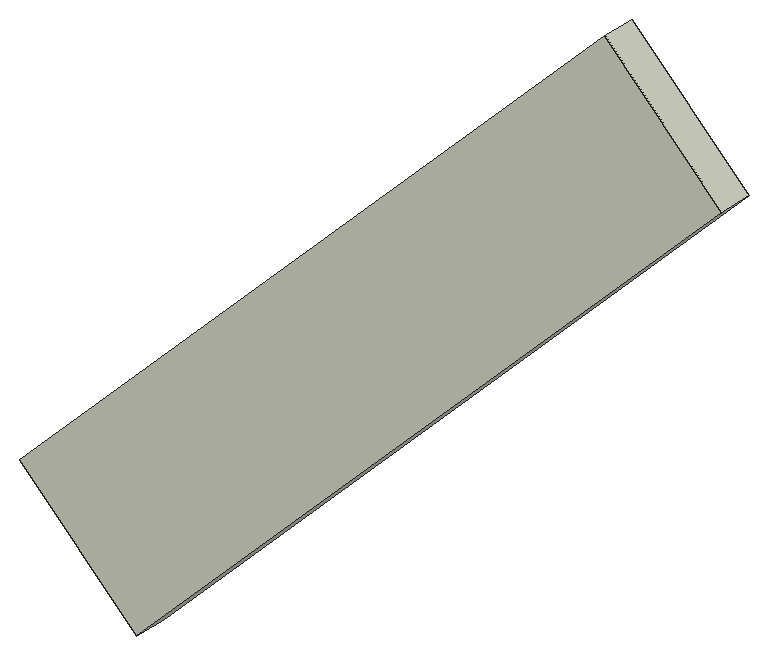
Revit family "グレーチング_角形鋼管(長方形)", category Generic Models, Revit 2023
Family settings
  Can host rebar = No
  Round Connector Dimension = Use Diameter
  Part Type = Normal
  Work Plane-Based = Yes
  Always vertical = No
  Cut with Voids When Loaded = No
  Maintain Annotation Orientation = No
  Shared = No
  Room Calculation Point = No
Parameters (values of type "100 x 20")
  高さ = 100 mm
  長辺 [instance] = 長さ  # 500 mm
  長さ [instance] = 500 mm
  部屋名 = ""
  角度 [instance] = 45.00°
  Default Elevation = 1219.2 mm
  構造マテリアル = E614_グレーチング
  幅 = 20 mm
Types (20, lengths in mm): name | 高さ | 幅
  50 x 20 | 50 | 20
  50 x 30 | 50 | 30
  60 x 30 | 60 | 30
  75 x 20 | 75 | 20
  75 x 45 | 75 | 45
  80 x 40 | 80 | 40
  90 x 40 | 90 | 40
  100 x 20 | 100 | 20
  100 x 40 | 100 | 40
  100 x 50 | 100 | 50
  125 x 40 | 125 | 40
  125 x 75 | 125 | 75
  150 x 100 | 150 | 100
  150 x 75 | 150 | 75
  150 x 80 | 150 | 80
  200 x 100 | 200 | 100
  200 x 150 | 200 | 150
  300 x 200 | 300 | 200
  350 x 150 | 350 | 150
  400 x 200 | 400 | 200
Reference planes
  plane 1 "中心(正面/背面)": y = 0
  plane 2: z = 0
  plane 3 "中心(左/右)": x = 0
Lines and regions (mm)
  reference lines
    curve 1: line (0, 0, 0) -> (848.528, 0, 848.528)
    curve 2: line (35.355, 0, -35.355) -> (-35.355, 0, 35.355)
    curve 3: line (388.909, 0, 318.198) -> (318.198, 0, 388.909)
Dimensions and locks
  equal spacing: curve 2, curve 1, curve 2
  "高さ": curve 2 to curve 2
  equal spacing: curve 3, curve 1, curve 3
  "高さ": curve 3 to curve 3
  "長さ": curve 2 to curve 3
  "角度": angle level to curve 1
  angle curve 2 to curve 1 = 90.00°
  angle curve 3 to curve 1 = 90.00°
  aligned and locked: level to plane 2
  aligned and locked: level to curve 1
  aligned and locked: plane 3 "中心(左/右)" to curve 1
  aligned and locked: nested 1 to curve 1
Nested families
  nested 1: "グレーチング_角形鋼管(長方形)" at (-35.355, 0, 35.355) x (0, 1, 0) z (0.7071, 0, -0.7071), 長さ <- "長さ", type "50 x 20"
    with 長辺 500 mm, 長さ 500 mm, 高さ 100 mm
Definition of nested family "グレーチング_角形鋼管(長方形)"
  Parameters (values of type "50 x 20")
    高さ = 50 mm
    長辺 [instance] = 長さ  # 1000 mm
    長さ [instance] = 1000 mm
    部屋名 = ""
    Default Elevation = 1219.2 mm
    構造マテリアル = none
    幅 = 20 mm
  Reference planes
    plane 1 "中心(正面/背面)": y = 0
    plane 2: z = 0
    plane 3 "中心(左/右)": x = 0
    plane 4: z = 25
    plane 5: z = 50
  Forms (mm)
    Extrusion 1, solid, material <- "構造マテリアル"
      sketch origin (0, 0, 0) x (1, 0, 0) y (0, 1, 0)
        loop
          line (-10, 1000) -> (-10, 0) -> (10, 0) -> (10, 1000) -> (-10, 1000)
      from 0 to 50
  Lines and regions (mm)
    reference lines
      curve 1: line (10, 1000, 0) -> (-10, 1000, 0)
      curve 2: line (10, 0, 0) -> (-10, 0, 0)
  Dimensions and locks
    "長さ": curve 1 to curve 2
    "幅": Extrusion 1 to Extrusion 1
    equal spacing: Extrusion 1, plane 3 "中心(左/右)", Extrusion 1
    "幅": curve 1 to curve 1
    equal spacing: curve 1, plane 3 "中心(左/右)", curve 1
    "幅": curve 2 to curve 2
    equal spacing: curve 2, plane 3 "中心(左/右)", curve 2
    equal spacing: plane 5, plane 4, level
    "高さ": plane 5 to level
    aligned and locked: level to plane 2
    aligned and locked: Extrusion 1 to curve 2
    aligned and locked: curve 1 to Extrusion 1
    aligned and locked: plane 5 to Extrusion 1
  Automatic sketch dimensions
    Extrusion 1 sketch curve to plane 3 "中心(左/右)" = 10 mm
    plane 3 "中心(左/右)" to Extrusion 1 sketch curve = 10 mm
    plane 1 "中心(正面/背面)" to Extrusion 1 sketch curve = 0 mm
    Extrusion 1 sketch curve to plane 1 "中心(正面/背面)" = 1000 mm
    plane 1 "中心(正面/背面)" to curve 2 = 0 mm
